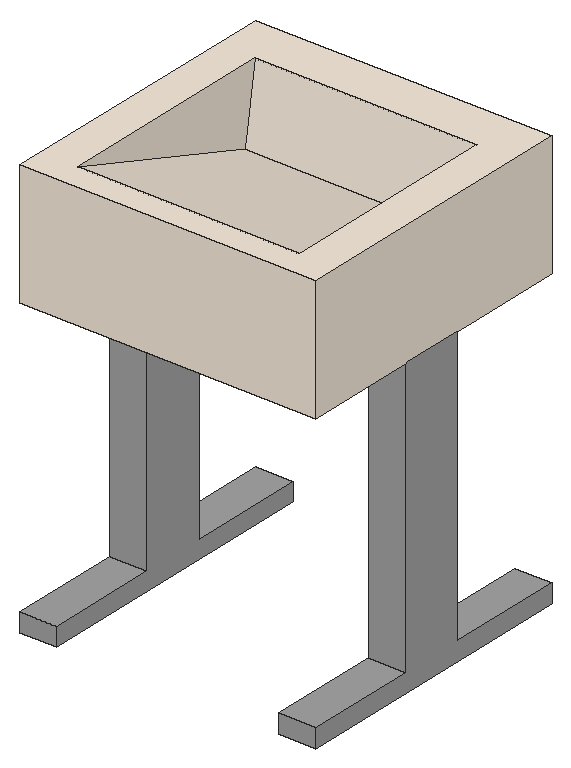
Revit family
Parameters (values of type "Shredder")
  Material Legs = Plastic - Gray,Dark
  Material Body = Plastic - White
  Keynote = "N"
  Assembly Code = "E1010800"
Reference planes
  plane 1 "Center F/B": y = -42.439
  plane 2: z = 0
  plane 3 "Center L/R": x = 33.894
  plane 4: x = -270.906
  plane 5: x = 338.694
  plane 6: y = 262.361
  plane 7: y = -347.239
  plane 8: x = -194.706
  plane 9: x = 262.494
Forms (mm)
  Extrusion 1, solid, material "Plastic - Gray,Dark" <- "Material Legs"
    sketch origin (0, 0, 0) x (1, 0, 0) y (0, 1, 0)
      loop
        line (-270.906, -347.239) -> (-194.706, -347.239) -> (-194.706, 262.361) -> (-270.906, 262.361) -> (-270.906, -347.239)
      loop
        line (262.494, -347.239) -> (338.694, -347.239) -> (338.694, 262.361) -> (262.494, 262.361) -> (262.494, -347.239)
    from 0 to 38.1
  Extrusion 2, solid, material "Plastic - White" <- "Material Body"
    sketch origin (0, 0, 0) x (1, 0, 0) y (0, 1, 0)
      loop
        line (-270.906, 262.361) -> (-270.906, -347.239) -> (338.694, -347.239) -> (338.694, 262.361) -> (-270.906, 262.361)
    from 609.6 to 863.6
  Extrusion 3, solid, material "Plastic - Gray,Dark" <- "Material Legs"
    sketch origin (0, 0, 0) x (1, 0, 0) y (0, 1, 0)
      loop
        line (-270.906, 18.167) -> (-270.906, -114.786) -> (-194.706, -114.786) -> (-194.706, 18.167) -> (-270.906, 18.167)
      loop
        line (262.494, 18.167) -> (262.494, -114.786) -> (338.694, -114.786) -> (338.694, 18.167) -> (262.494, 18.167)
    from 38.1 to 609.6
  Extrusion 4, void
    sketch origin (33.894, 0, 0) x (0, 1, 0) y (0, 0, 1)
      loop
        line (-292.586, 863.6) -> (137.041, 707.228) -> (164.614, 863.6) -> (-292.586, 863.6)
    from -228.6 to 228.6
Cuts and joins
  Extrusion 4 cuts Extrusion 2
  Extrusion 4 cuts Extrusion 1
  Extrusion 4 cuts Extrusion 3
  joined: Extrusion 1, Extrusion 3
Lines and regions (mm)
  Masking region 1
    outline origin (0, 0, 0) x (1, 0, 0) y (0, 1, 0)
      loop
        line (-270.906, 262.361) -> (-270.906, -347.239) -> (338.694, -347.239) -> (338.694, 262.361) -> (-270.906, 262.361)
  symbolic lines
    curve 1: line (-270.906, 262.361, 0) -> (-270.906, -347.239, 0)
    curve 2: line (338.694, 262.361, 0) -> (-270.906, 262.361, 0)
    curve 3: line (338.694, -347.239, 0) -> (338.694, 262.361, 0)
    curve 4: line (-270.906, -347.239, 0) -> (338.694, -347.239, 0)
    curve 5: line (262.494, -292.586, 0) -> (-194.706, -292.586, 0)
    curve 6: line (-194.706, 164.614, 0) -> (-194.706, -292.586, 0)
    curve 7: line (262.494, -292.586, 0) -> (262.494, 164.614, 0)
    curve 8: line (-194.706, 164.614, 0) -> (262.494, 164.614, 0)
    curve 9: line (262.494, 137.041, 0) -> (-194.706, 137.041, 0)
Dimensions and locks
  equal spacing: plane 7, plane 1 "Center F/B", plane 6
  equal spacing: plane 4, plane 3 "Center L/R", plane 5
  locked: plane 4 to plane 8 at 76.2
  locked: plane 9 to plane 5 at 76.2
  aligned: Masking region 1 sketch curve to cut or joined group of Extrusion 2, Extrusion 4  (x3)
  aligned: cut or joined group of Extrusion 2, Extrusion 4 to Masking region 1 sketch curve
Automatic sketch dimensions
  Masking region 1 sketch curve to plane 4 = 0 mm
  Masking region 1 sketch curve to plane 5 = 0 mm
  Masking region 1 sketch curve to plane 7 = 0 mm
  Masking region 1 sketch curve to plane 6 = 0 mm
